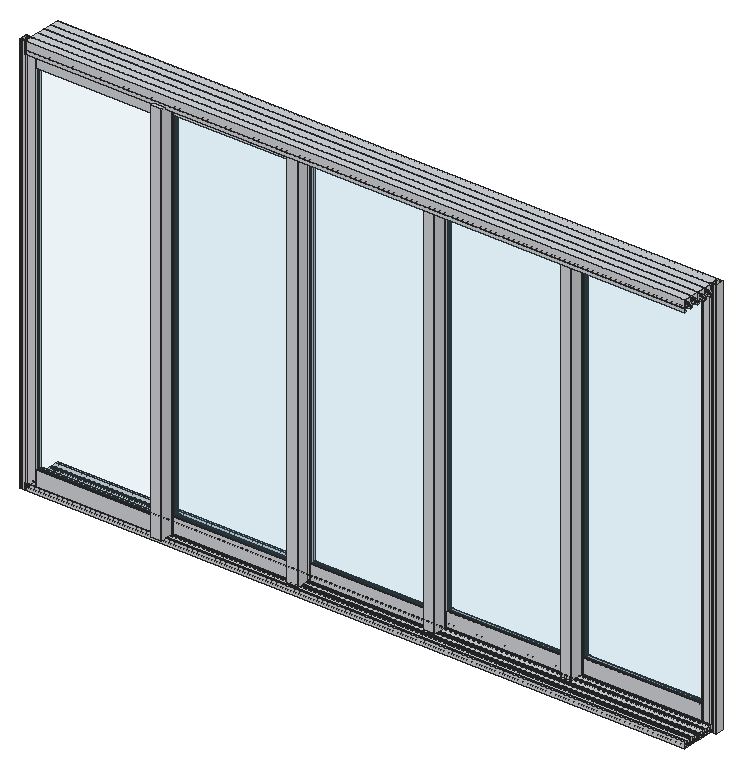
Revit family "MT-HB_SLIDING DOOR_XXXXX", category Doors, host Wall, Revit 2017 (continued)
Definition of nested family "DETAIL_HB_SILL FRAME"
  Lines and regions (mm)
    detail lines, in view "Ref. Level"
      curve 419: arc (44.963, 35.5, 0) -> (45.255, 34.793, 0) -> (45.963, 34.5, 0) r 1
      curve 420: arc (45.963, 36.95, 0) -> (45.463, 37.45, 0) -> (44.963, 36.95, 0) r 0.5
      curve 421: arc (44.963, 42.55, 0) -> (45.463, 42.05, 0) -> (45.963, 42.55, 0) r 0.5
      curve 422: arc (45.363, 45, 0) -> (45.08, 44.883, 0) -> (44.963, 44.6, 0) r 0.4
      curve 423: arc (48.665, 44.8, 0) -> (48.606, 44.941, 0) -> (48.465, 45, 0) r 0.2
      curve 424: arc (51.864, 45, 0) -> (51.723, 44.941, 0) -> (51.664, 44.8, 0) r 0.2
      curve 425: arc (56.663, 44.8, 0) -> (56.605, 44.941, 0) -> (56.463, 45, 0) r 0.2
      curve 426: arc (59.863, 45, 0) -> (59.722, 44.941, 0) -> (59.663, 44.8, 0) r 0.2
      curve 427: arc (64.662, 44.8, 0) -> (64.604, 44.941, 0) -> (64.462, 45, 0) r 0.2
      curve 428: arc (67.862, 45, 0) -> (67.72, 44.941, 0) -> (67.662, 44.8, 0) r 0.2
      curve 429: arc (72.661, 44.8, 0) -> (72.602, 44.941, 0) -> (72.461, 45, 0) r 0.2
      curve 430: arc (75.86, 45, 0) -> (75.719, 44.941, 0) -> (75.66, 44.8, 0) r 0.2
      curve 431: line (79.363, 44.6, 0) -> (79.363, 42.55, 0)
      curve 432: line (78.363, 42.55, 0) -> (78.363, 43.5, 0)
      curve 433: line (78.363, 43.5, 0) -> (77.063, 43.5, 0)
      curve 434: line (77.063, 43.5, 0) -> (77.063, 36, 0)
      curve 435: line (77.063, 36, 0) -> (78.363, 36, 0)
      curve 436: line (78.363, 36, 0) -> (78.363, 36.95, 0)
      curve 437: line (79.363, 36.95, 0) -> (79.363, 35.5, 0)
      curve 438: line (78.363, 34.5, 0) -> (77.463, 34.5, 0)
      curve 439: line (76.963, 34, 0) -> (76.963, 20.774, 0)
      curve 440: line (76.61, 20.479, 0) -> (75.349, 20.701, 0)
      curve 441: line (75.173, 20.645, 0) -> (73.948, 19.42, 0)
      curve 442: line (73.948, 19.42, 0) -> (73.89, 17.75, 0)
      curve 443: line (74.392, 16.05, 0) -> (73.69, 16.05, 0)
      curve 444: line (72.69, 17.05, 0) -> (72.69, 19.445, 0)
      curve 445: line (72.983, 20.152, 0) -> (75.504, 22.673, 0)
      curve 446: line (75.504, 22.673, 0) -> (75.563, 42, 0)
      curve 447: line (74.563, 43, 0) -> (65.052, 43, 0)
      curve 448: line (64.533, 42.7, 0) -> (63.353, 42.7, 0)
      curve 449: line (62.753, 43.3, 0) -> (61.572, 43.3, 0)
      curve 450: line (61.053, 43, 0) -> (49.763, 43, 0)
      curve 451: line (48.763, 42, 0) -> (48.763, 16, 0)
      curve 452: line (47.763, 15, 0) -> (44.733, 15, 0)
      curve 453: line (44.733, 16.4, 0) -> (46.863, 16.4, 0)
      curve 454: line (47.363, 16.9, 0) -> (47.363, 34, 0)
      curve 455: line (46.863, 34.5, 0) -> (45.963, 34.5, 0)
      curve 456: line (44.963, 35.5, 0) -> (44.963, 36.95, 0)
      curve 457: line (45.963, 36.95, 0) -> (45.963, 36, 0)
      curve 458: line (45.963, 36, 0) -> (47.263, 36, 0)
      curve 459: line (47.263, 36, 0) -> (47.263, 43.5, 0)
      curve 460: line (47.263, 43.5, 0) -> (45.963, 43.5, 0)
      curve 461: line (45.963, 43.5, 0) -> (45.963, 42.55, 0)
      curve 462: line (44.963, 42.55, 0) -> (44.963, 44.6, 0)
      curve 463: line (45.363, 45, 0) -> (48.465, 45, 0)
      curve 464: line (48.665, 44.8, 0) -> (48.665, 44.5, 0)
      curve 465: line (48.665, 44.5, 0) -> (51.664, 44.5, 0)
      curve 466: line (51.664, 44.5, 0) -> (51.664, 44.8, 0)
      curve 467: line (51.864, 45, 0) -> (56.463, 45, 0)
      curve 468: line (56.663, 44.8, 0) -> (56.663, 44.5, 0)
      curve 469: line (56.663, 44.5, 0) -> (59.663, 44.5, 0)
      curve 470: line (59.663, 44.5, 0) -> (59.663, 44.8, 0)
      curve 471: line (59.863, 45, 0) -> (64.462, 45, 0)
      curve 472: line (64.662, 44.8, 0) -> (64.662, 44.5, 0)
      curve 473: line (64.662, 44.5, 0) -> (67.662, 44.5, 0)
      curve 474: line (67.662, 44.5, 0) -> (67.662, 44.8, 0)
      curve 475: line (67.862, 45, 0) -> (72.461, 45, 0)
      curve 476: line (72.661, 44.8, 0) -> (72.661, 44.5, 0)
      curve 477: line (72.661, 44.5, 0) -> (75.66, 44.5, 0)
      curve 478: line (75.66, 44.5, 0) -> (75.66, 44.8, 0)
      curve 479: line (75.86, 45, 0) -> (78.963, 45, 0)
Definition of nested family "DETAIL_HB_SILL FRAME_3 PANELS"
  Reference planes
    plane 1 "Center (Front/Back)": y = 0
    plane 2: z = 0
    plane 3 "Center (Left/Right)": x = 0
  Lines and regions (mm)
    model lines, in view "Ref. Level"
      curve 1: arc (17.2, 44.6, 0) -> (17.083, 44.883, 0) -> (16.8, 45, 0) r 0.4
      curve 2: arc (16.2, 42.55, 0) -> (16.7, 42.05, 0) -> (17.2, 42.55, 0) r 0.5
      curve 3: arc (17.2, 36.95, 0) -> (16.7, 37.45, 0) -> (16.2, 36.95, 0) r 0.5
      curve 4: arc (16.2, 34.5, 0) -> (16.907, 34.793, 0) -> (17.2, 35.5, 0) r 1
      curve 5: arc (15.3, 34.5, 0) -> (14.946, 34.354, 0) -> (14.8, 34, 0) r 0.5
      curve 6: arc (14.448, 20.479, 0) -> (14.693, 20.544, 0) -> (14.8, 20.774, 0) r 0.3
      curve 7: arc (13.187, 20.701, 0) -> (13.092, 20.695, 0) -> (13.011, 20.645, 0) r 0.2
      curve 8: arc (11.727, 17.75, 0) -> (11.874, 17.396, 0) -> (12.228, 17.25, 0) r 0.5
      curve 9: arc (12.229, 16.05, 0) -> (12.829, 16.651, 0) -> (12.228, 17.25, 0) r 0.6
      curve 10: arc (10.527, 17.05, 0) -> (10.82, 16.343, 0) -> (11.527, 16.05, 0) r 1
      curve 11: arc (10.82, 20.152, 0) -> (10.603, 19.828, 0) -> (10.527, 19.445, 0) r 1
      curve 12: arc (13.4, 42, 0) -> (13.107, 42.707, 0) -> (12.4, 43, 0) r 1
      curve 13: arc (2.89, 43, 0) -> (2.74, 42.96, 0) -> (2.63, 42.85, 0) r 0.3
      curve 14: arc (2.37, 42.7, 0) -> (2.52, 42.74, 0) -> (2.63, 42.85, 0) r 0.3
      curve 15: arc (0.89, 43, 0) -> (0.978, 42.788, 0) -> (1.19, 42.7, 0) r 0.3
      curve 16: arc (0.89, 43, 0) -> (0.802, 43.212, 0) -> (0.59, 43.3, 0) r 0.3
      curve 17: arc (-0.59, 43.3, 0) -> (-0.74, 43.26, 0) -> (-0.85, 43.15, 0) r 0.3
      curve 18: arc (-1.11, 43, 0) -> (-0.96, 43.04, 0) -> (-0.85, 43.15, 0) r 0.3
      curve 19: arc (-12.4, 43, 0) -> (-13.107, 42.707, 0) -> (-13.4, 42, 0) r 1
      curve 20: arc (-14.4, 15, 0) -> (-13.693, 15.293, 0) -> (-13.4, 16, 0) r 1
      curve 21: arc (-17.43, 16.4, 0) -> (-18.13, 15.7, 0) -> (-17.43, 15, 0) r 0.7
      curve 22: arc (-15.3, 16.4, 0) -> (-14.946, 16.546, 0) -> (-14.8, 16.9, 0) r 0.5
      curve 23: arc (-14.8, 34, 0) -> (-14.946, 34.354, 0) -> (-15.3, 34.5, 0) r 0.5
      curve 24: arc (-17.2, 35.5, 0) -> (-16.907, 34.793, 0) -> (-16.2, 34.5, 0) r 1
      curve 25: arc (-16.2, 36.95, 0) -> (-16.7, 37.45, 0) -> (-17.2, 36.95, 0) r 0.5
      curve 26: arc (-17.2, 42.55, 0) -> (-16.7, 42.05, 0) -> (-16.2, 42.55, 0) r 0.5
      curve 27: arc (-16.8, 45, 0) -> (-17.083, 44.883, 0) -> (-17.2, 44.6, 0) r 0.4
      curve 28: arc (-13.498, 44.8, 0) -> (-13.557, 44.941, 0) -> (-13.698, 45, 0) r 0.2
      curve 29: arc (-10.298, 45, 0) -> (-10.44, 44.941, 0) -> (-10.498, 44.8, 0) r 0.2
      curve 30: arc (-5.499, 44.8, 0) -> (-5.558, 44.941, 0) -> (-5.699, 45, 0) r 0.2
      curve 31: arc (-2.3, 45, 0) -> (-2.441, 44.941, 0) -> (-2.5, 44.8, 0) r 0.2
      curve 32: arc (2.5, 44.8, 0) -> (2.441, 44.941, 0) -> (2.3, 45, 0) r 0.2
      curve 33: arc (5.699, 45, 0) -> (5.558, 44.941, 0) -> (5.499, 44.8, 0) r 0.2
      curve 34: arc (10.498, 44.8, 0) -> (10.44, 44.941, 0) -> (10.298, 45, 0) r 0.2
      curve 35: arc (13.698, 45, 0) -> (13.557, 44.941, 0) -> (13.498, 44.8, 0) r 0.2
      curve 36: line (17.2, 44.6, 0) -> (17.2, 42.55, 0)
      curve 37: line (16.2, 42.55, 0) -> (16.2, 43.5, 0)
      curve 38: line (16.2, 43.5, 0) -> (14.9, 43.5, 0)
      curve 39: line (14.9, 43.5, 0) -> (14.9, 36, 0)
      curve 40: line (14.9, 36, 0) -> (16.2, 36, 0)
      curve 41: line (16.2, 36, 0) -> (16.2, 36.95, 0)
      curve 42: line (17.2, 36.95, 0) -> (17.2, 35.5, 0)
      curve 43: line (16.2, 34.5, 0) -> (15.3, 34.5, 0)
      curve 44: line (14.8, 34, 0) -> (14.8, 20.774, 0)
      curve 45: line (14.448, 20.479, 0) -> (13.187, 20.701, 0)
      curve 46: line (13.011, 20.645, 0) -> (11.786, 19.42, 0)
      curve 47: line (11.786, 19.42, 0) -> (11.727, 17.75, 0)
      curve 48: line (12.229, 16.05, 0) -> (11.527, 16.05, 0)
      curve 49: line (10.527, 17.05, 0) -> (10.527, 19.445, 0)
      curve 50: line (10.82, 20.152, 0) -> (13.341, 22.673, 0)
      curve 51: line (13.341, 22.673, 0) -> (13.4, 42, 0)
      curve 52: line (12.4, 43, 0) -> (2.89, 43, 0)
      curve 53: line (2.37, 42.7, 0) -> (1.19, 42.7, 0)
      curve 54: line (0.59, 43.3, 0) -> (-0.59, 43.3, 0)
      curve 55: line (-1.11, 43, 0) -> (-12.4, 43, 0)
      curve 56: line (-13.4, 42, 0) -> (-13.4, 16, 0)
      curve 57: line (-14.4, 15, 0) -> (-17.43, 15, 0)
      curve 58: line (-17.43, 16.4, 0) -> (-15.3, 16.4, 0)
      curve 59: line (-14.8, 16.9, 0) -> (-14.8, 34, 0)
      curve 60: line (-15.3, 34.5, 0) -> (-16.2, 34.5, 0)
      curve 61: line (-17.2, 35.5, 0) -> (-17.2, 36.95, 0)
      curve 62: line (-16.2, 36.95, 0) -> (-16.2, 36, 0)
      curve 63: line (-16.2, 36, 0) -> (-14.9, 36, 0)
      curve 64: line (-14.9, 36, 0) -> (-14.9, 43.5, 0)
      curve 65: line (-14.9, 43.5, 0) -> (-16.2, 43.5, 0)
      curve 66: line (-16.2, 43.5, 0) -> (-16.2, 42.55, 0)
      curve 67: line (-17.2, 42.55, 0) -> (-17.2, 44.6, 0)
      curve 68: line (-16.8, 45, 0) -> (-13.698, 45, 0)
      curve 69: line (-13.498, 44.8, 0) -> (-13.498, 44.5, 0)
      curve 70: line (-13.498, 44.5, 0) -> (-10.498, 44.5, 0)
      curve 71: line (-10.498, 44.5, 0) -> (-10.498, 44.8, 0)
      curve 72: line (-10.298, 45, 0) -> (-5.699, 45, 0)
      curve 73: line (-5.499, 44.8, 0) -> (-5.499, 44.5, 0)
      curve 74: line (-5.499, 44.5, 0) -> (-2.5, 44.5, 0)
      curve 75: line (-2.5, 44.5, 0) -> (-2.5, 44.8, 0)
      curve 76: line (-2.3, 45, 0) -> (2.3, 45, 0)
      curve 77: line (2.5, 44.8, 0) -> (2.5, 44.5, 0)
      curve 78: line (2.5, 44.5, 0) -> (5.499, 44.5, 0)
      curve 79: line (5.499, 44.5, 0) -> (5.499, 44.8, 0)
      curve 80: line (5.699, 45, 0) -> (10.298, 45, 0)
      curve 81: line (10.498, 44.8, 0) -> (10.498, 44.5, 0)
      curve 82: line (10.498, 44.5, 0) -> (13.498, 44.5, 0)
      curve 83: line (13.498, 44.5, 0) -> (13.498, 44.8, 0)
      curve 84: line (13.698, 45, 0) -> (16.8, 45, 0)
      curve 85: arc (16.051, 18.485, 0) -> (15.344, 18.192, 0) -> (15.051, 17.485, 0) r 1
      curve 86: arc (31.723, 17.985, 0) -> (31.576, 18.338, 0) -> (31.223, 18.485, 0) r 0.5
      curve 87: arc (31.395, 16.642, 0) -> (31.633, 16.825, 0) -> (31.723, 17.111, 0) r 0.5
      curve 88: arc (31.395, 16.642, 0) -> (29.001, 14.013, 0) -> (29.781, 10.544, 0) r 3.85
      curve 89: arc (29.781, 10.544, 0) -> (31.014, 10.44, 0) -> (31.118, 11.673, 0) r 0.875
      curve 90: arc (30.701, 12.459, 0) -> (30.868, 12.044, 0) -> (31.118, 11.673, 0) r 2.1
      curve 91: arc (30.701, 12.459, 0) -> (30.651, 12.576, 0) -> (30.573, 12.677, 0) r 0.5
      curve 92: arc (30.573, 13.379, 0) -> (30.651, 13.48, 0) -> (30.701, 13.597, 0) r 0.5
      curve 93: arc (31.219, 14.494, 0) -> (30.904, 14.078, 0) -> (30.701, 13.597, 0) r 2.1
      curve 94: arc (31.219, 14.494, 0) -> (31.296, 14.596, 0) -> (31.344, 14.714, 0) r 0.5
      curve 95: arc (31.952, 15.065, 0) -> (32.078, 15.048, 0) -> (32.205, 15.063, 0) r 0.5
      curve 96: arc (33.241, 15.063, 0) -> (32.723, 15.128, 0) -> (32.205, 15.063, 0) r 2.1
      curve 97: arc (33.241, 15.063, 0) -> (33.367, 15.048, 0) -> (33.494, 15.065, 0) r 0.5
      curve 98: arc (34.101, 14.714, 0) -> (34.149, 14.596, 0) -> (34.226, 14.494, 0) r 0.5
      curve 99: arc (34.744, 13.597, 0) -> (34.541, 14.078, 0) -> (34.226, 14.494, 0) r 2.1
      curve 100: arc (34.744, 13.597, 0) -> (34.794, 13.48, 0) -> (34.872, 13.379, 0) r 0.5
      curve 101: arc (34.872, 12.677, 0) -> (34.794, 12.576, 0) -> (34.744, 12.459, 0) r 0.5
      curve 102: arc (34.327, 11.673, 0) -> (34.578, 12.044, 0) -> (34.744, 12.459, 0) r 2.1
      curve 103: arc (34.327, 11.673, 0) -> (34.171, 10.817, 0) -> (34.831, 10.25, 0) r 0.875
      curve 104: arc (35.074, 9.955, 0) -> (35.005, 10.146, 0) -> (34.831, 10.25, 0) r 0.3
      curve 105: arc (35.074, 2.525, 0) -> (35.162, 2.313, 0) -> (35.374, 2.225, 0) r 0.3
      curve 106: arc (38.773, 2.225, 0) -> (38.985, 2.313, 0) -> (39.073, 2.525, 0) r 0.3
      curve 107: arc (39.073, 3.425, 0) -> (38.985, 3.637, 0) -> (38.773, 3.725, 0) r 0.3
      curve 108: arc (36.573, 4.025, 0) -> (36.661, 3.813, 0) -> (36.873, 3.725, 0) r 0.3
      curve 109: arc (35.873, 10.814, 0) -> (36.397, 14.177, 0) -> (34.05, 16.642, 0) r 3.85
      curve 110: arc (33.723, 17.111, 0) -> (33.813, 16.825, 0) -> (34.05, 16.642, 0) r 0.5
      curve 111: arc (34.223, 18.485, 0) -> (33.869, 18.338, 0) -> (33.723, 17.985, 0) r 0.5
      curve 112: arc (40.169, 17.485, 0) -> (39.876, 18.192, 0) -> (39.169, 18.485, 0) r 1
      curve 113: arc (40.169, 17.485, 0) -> (40.462, 16.778, 0) -> (41.169, 16.485, 0) r 1
      curve 114: arc (42.169, 15.485, 0) -> (41.876, 16.192, 0) -> (41.169, 16.485, 0) r 1
      curve 115: arc (42.169, 13.885, 0) -> (42.462, 13.178, 0) -> (43.169, 12.885, 0) r 1
      curve 116: arc (76.251, 12.885, 0) -> (76.958, 13.178, 0) -> (77.251, 13.885, 0) r 1
      curve 117: arc (78.251, 18.485, 0) -> (77.544, 18.192, 0) -> (77.251, 17.485, 0) r 1
      curve 118: arc (90.856, 17.985, 0) -> (90.71, 18.338, 0) -> (90.356, 18.485, 0) r 0.5
      curve 119: arc (90.529, 16.642, 0) -> (90.766, 16.825, 0) -> (90.856, 17.111, 0) r 0.5
      curve 120: arc (90.529, 16.642, 0) -> (88.135, 14.013, 0) -> (88.914, 10.544, 0) r 3.85
      curve 121: arc (88.914, 10.544, 0) -> (90.148, 10.44, 0) -> (90.252, 11.673, 0) r 0.875
      curve 122: arc (89.835, 12.459, 0) -> (90.001, 12.044, 0) -> (90.252, 11.673, 0) r 2.1
      curve 123: arc (89.835, 12.459, 0) -> (89.785, 12.576, 0) -> (89.707, 12.677, 0) r 0.5
      curve 124: arc (89.707, 13.379, 0) -> (89.785, 13.48, 0) -> (89.835, 13.597, 0) r 0.5
      curve 125: arc (90.353, 14.494, 0) -> (90.038, 14.078, 0) -> (89.835, 13.597, 0) r 2.1
      curve 126: arc (90.353, 14.494, 0) -> (90.43, 14.596, 0) -> (90.478, 14.714, 0) r 0.5
      curve 127: arc (91.086, 15.065, 0) -> (91.212, 15.048, 0) -> (91.338, 15.063, 0) r 0.5
      curve 128: arc (92.374, 15.063, 0) -> (91.856, 15.128, 0) -> (91.338, 15.063, 0) r 2.1
      curve 129: arc (92.374, 15.063, 0) -> (92.501, 15.048, 0) -> (92.627, 15.065, 0) r 0.5
      curve 130: arc (93.235, 14.714, 0) -> (93.283, 14.596, 0) -> (93.36, 14.494, 0) r 0.5
      curve 131: arc (93.878, 13.597, 0) -> (93.675, 14.078, 0) -> (93.36, 14.494, 0) r 2.1
      curve 132: arc (93.878, 13.597, 0) -> (93.928, 13.48, 0) -> (94.006, 13.379, 0) r 0.5
      curve 133: arc (94.006, 12.677, 0) -> (93.928, 12.576, 0) -> (93.878, 12.459, 0) r 0.5
      curve 134: arc (93.461, 11.673, 0) -> (93.712, 12.044, 0) -> (93.878, 12.459, 0) r 2.1
      curve 135: arc (93.461, 11.673, 0) -> (93.305, 10.817, 0) -> (93.964, 10.25, 0) r 0.875
      curve 136: arc (94.208, 9.955, 0) -> (94.139, 10.146, 0) -> (93.964, 10.25, 0) r 0.3
      curve 137: arc (94.208, 2.525, 0) -> (94.296, 2.313, 0) -> (94.508, 2.225, 0) r 0.3
      curve 138: arc (97.906, 2.225, 0) -> (98.119, 2.313, 0) -> (98.206, 2.525, 0) r 0.3
      curve 139: arc (98.206, 3.425, 0) -> (98.119, 3.637, 0) -> (97.906, 3.725, 0) r 0.3
      curve 140: arc (95.706, 4.025, 0) -> (95.794, 3.813, 0) -> (96.006, 3.725, 0) r 0.3
      curve 141: arc (95.006, 10.814, 0) -> (95.531, 14.177, 0) -> (93.184, 16.642, 0) r 3.85
      curve 142: arc (92.856, 17.111, 0) -> (92.946, 16.825, 0) -> (93.184, 16.642, 0) r 0.5
      curve 143: arc (93.356, 18.485, 0) -> (93.003, 18.338, 0) -> (92.856, 17.985, 0) r 0.5
      curve 144: arc (102.369, 17.485, 0) -> (102.076, 18.192, 0) -> (101.369, 18.485, 0) r 1
      curve 145: arc (102.369, 17.485, 0) -> (102.662, 16.778, 0) -> (103.369, 16.485, 0) r 1
      curve 146: arc (104.369, 15.485, 0) -> (104.076, 16.192, 0) -> (103.369, 16.485, 0) r 1
      curve 147: arc (104.369, 13.885, 0) -> (104.662, 13.178, 0) -> (105.369, 12.885, 0) r 1
      curve 148: arc (138.451, 12.885, 0) -> (139.158, 13.178, 0) -> (139.451, 13.885, 0) r 1
      curve 149: arc (139.951, 16.085, 0) -> (139.598, 15.938, 0) -> (139.451, 15.585, 0) r 0.5
      curve 150: arc (142.489, 15.585, 0) -> (142.343, 15.938, 0) -> (141.989, 16.085, 0) r 0.5
      curve 151: arc (142.489, 13.782, 0) -> (142.551, 13.599, 0) -> (142.712, 13.492, 0) r 0.3
      curve 152: arc (143.561, 12.873, 0) -> (143.578, 13.138, 0) -> (143.378, 13.313, 0) r 0.3
      curve 153: arc (142.417, 10.893, 0) -> (142.71, 9.8, 0) -> (143.803, 10.093, 0) r 0.8
      curve 154: arc (145.858, 13.653, 0) -> (145.904, 14.359, 0) -> (145.372, 14.826, 0) r 0.8
      curve 155: arc (148.149, 16.586, 0) -> (148.503, 16.733, 0) -> (148.649, 17.086, 0) r 0.5
      curve 156: arc (148.649, 17.785, 0) -> (148.561, 17.997, 0) -> (148.349, 18.085, 0) r 0.3
      curve 157: arc (139.451, 18.385, 0) -> (139.539, 18.173, 0) -> (139.751, 18.085, 0) r 0.3
      curve 158: arc (139.451, 20.185, 0) -> (139.363, 20.397, 0) -> (139.151, 20.485, 0) r 0.3
      curve 159: arc (137.457, 20.485, 0) -> (137.266, 20.447, 0) -> (137.104, 20.338, 0) r 0.5
      curve 160: arc (136.493, 19.728, 0) -> (136.319, 19.468, 0) -> (136.258, 19.162, 0) r 0.8
      curve 161: arc (136.258, 17.987, 0) -> (136.405, 17.633, 0) -> (136.758, 17.487, 0) r 0.5
      curve 162: arc (137.451, 16.987, 0) -> (137.305, 17.34, 0) -> (136.951, 17.487, 0) r 0.5
      curve 163: arc (136.451, 14.885, 0) -> (137.158, 15.178, 0) -> (137.451, 15.885, 0) r 1
      curve 164: arc (113.502, 15.002, 0) -> (113.653, 14.915, 0) -> (113.824, 14.885, 0) r 0.5
      curve 165: arc (110.798, 14.885, 0) -> (110.969, 14.915, 0) -> (111.119, 15.002, 0) r 0.5
      curve 166: arc (106.395, 15.185, 0) -> (106.483, 14.973, 0) -> (106.695, 14.885, 0) r 0.3
      curve 167: arc (106.695, 16.635, 0) -> (106.483, 16.547, 0) -> (106.395, 16.335, 0) r 0.3
      curve 168: arc (108.169, 16.635, 0) -> (108.894, 17.36, 0) -> (108.169, 18.085, 0) r 0.725
      curve 169: arc (104.367, 18.565, 0) -> (104.52, 18.224, 0) -> (104.867, 18.085, 0) r 0.5
      curve 170: arc (104.367, 18.565, 0) -> (103.755, 19.927, 0) -> (102.369, 20.485, 0) r 2
      curve 171: arc (96.825, 21.485, 0) -> (97.118, 20.778, 0) -> (97.825, 20.485, 0) r 1
      curve 172: arc (97.325, 34.525, 0) -> (96.971, 34.378, 0) -> (96.825, 34.025, 0) r 0.5
      curve 173: arc (97.825, 34.525, 0) -> (98.532, 34.818, 0) -> (98.825, 35.525, 0) r 1
      curve 174: arc (98.825, 36.975, 0) -> (98.325, 37.475, 0) -> (97.825, 36.975, 0) r 0.5
      curve 175: arc (97.825, 42.575, 0) -> (98.325, 42.075, 0) -> (98.825, 42.575, 0) r 0.5
      curve 176: arc (98.825, 44.725, 0) -> (98.737, 44.937, 0) -> (98.525, 45.025, 0) r 0.3
      curve 177: arc (88.125, 45.025, 0) -> (87.913, 44.937, 0) -> (87.825, 44.725, 0) r 0.3
      curve 178: arc (87.825, 42.575, 0) -> (88.325, 42.075, 0) -> (88.825, 42.575, 0) r 0.5
      curve 179: arc (88.825, 36.975, 0) -> (88.325, 37.475, 0) -> (87.825, 36.975, 0) r 0.5
      curve 180: arc (87.825, 35.525, 0) -> (88.118, 34.818, 0) -> (88.825, 34.525, 0) r 1
      curve 181: arc (91.325, 34.525, 0) -> (91.678, 34.671, 0) -> (91.825, 35.025, 0) r 0.5
      curve 182: arc (92.325, 43.025, 0) -> (91.971, 42.878, 0) -> (91.825, 42.525, 0) r 0.5
      curve 183: arc (94.825, 42.525, 0) -> (94.678, 42.878, 0) -> (94.325, 43.025, 0) r 0.5
      curve 184: arc (93.825, 20.485, 0) -> (94.532, 20.778, 0) -> (94.825, 21.485, 0) r 1
      curve 185: arc (75.257, 20.485, 0) -> (75.066, 20.447, 0) -> (74.904, 20.338, 0) r 0.5
      curve 186: arc (74.293, 19.728, 0) -> (74.119, 19.468, 0) -> (74.058, 19.162, 0) r 0.8
      curve 187: arc (74.058, 17.987, 0) -> (74.205, 17.633, 0) -> (74.558, 17.487, 0) r 0.5
      curve 188: arc (75.251, 16.987, 0) -> (75.105, 17.34, 0) -> (74.751, 17.487, 0) r 0.5
      curve 189: arc (74.251, 14.885, 0) -> (74.958, 15.178, 0) -> (75.251, 15.885, 0) r 1
      curve 190: arc (51.302, 15.002, 0) -> (51.453, 14.915, 0) -> (51.624, 14.885, 0) r 0.5
      curve 191: arc (48.598, 14.885, 0) -> (48.769, 14.915, 0) -> (48.919, 15.002, 0) r 0.5
      curve 192: arc (44.195, 15.185, 0) -> (44.283, 14.973, 0) -> (44.495, 14.885, 0) r 0.3
      curve 193: arc (44.495, 16.635, 0) -> (44.283, 16.547, 0) -> (44.195, 16.335, 0) r 0.3
      curve 194: arc (45.969, 16.635, 0) -> (46.694, 17.36, 0) -> (45.969, 18.085, 0) r 0.725
      curve 195: arc (42.167, 18.565, 0) -> (42.32, 18.224, 0) -> (42.667, 18.085, 0) r 0.5
      curve 196: arc (42.167, 18.565, 0) -> (41.555, 19.927, 0) -> (40.169, 20.485, 0) r 2
      curve 197: arc (34.625, 21.485, 0) -> (34.918, 20.778, 0) -> (35.625, 20.485, 0) r 1
      curve 198: arc (35.125, 34.525, 0) -> (34.771, 34.378, 0) -> (34.625, 34.025, 0) r 0.5
      curve 199: arc (35.625, 34.525, 0) -> (36.332, 34.818, 0) -> (36.625, 35.525, 0) r 1
      curve 200: arc (36.625, 36.975, 0) -> (36.125, 37.475, 0) -> (35.625, 36.975, 0) r 0.5
      curve 201: arc (35.625, 42.575, 0) -> (36.125, 42.075, 0) -> (36.625, 42.575, 0) r 0.5
      curve 202: arc (36.625, 44.725, 0) -> (36.537, 44.937, 0) -> (36.325, 45.025, 0) r 0.3
      curve 203: arc (25.925, 45.025, 0) -> (25.713, 44.937, 0) -> (25.625, 44.725, 0) r 0.3
      curve 204: arc (25.625, 42.575, 0) -> (26.125, 42.075, 0) -> (26.625, 42.575, 0) r 0.5
      curve 205: arc (26.625, 36.975, 0) -> (26.125, 37.475, 0) -> (25.625, 36.975, 0) r 0.5
      curve 206: arc (25.625, 35.525, 0) -> (25.918, 34.818, 0) -> (26.625, 34.525, 0) r 1
      curve 207: arc (29.125, 34.525, 0) -> (29.478, 34.671, 0) -> (29.625, 35.025, 0) r 0.5
      curve 208: arc (30.125, 43.025, 0) -> (29.771, 42.878, 0) -> (29.625, 42.525, 0) r 0.5
      curve 209: arc (32.625, 42.525, 0) -> (32.478, 42.878, 0) -> (32.125, 43.025, 0) r 0.5
      curve 210: arc (31.625, 20.485, 0) -> (32.332, 20.778, 0) -> (32.625, 21.485, 0) r 1
      curve 211: arc (13.057, 20.485, 0) -> (12.866, 20.447, 0) -> (12.704, 20.338, 0) r 0.5
      curve 212: arc (12.093, 19.728, 0) -> (11.919, 19.468, 0) -> (11.858, 19.162, 0) r 0.8
      curve 213: arc (11.858, 17.987, 0) -> (12.005, 17.633, 0) -> (12.358, 17.487, 0) r 0.5
      curve 214: arc (13.051, 16.987, 0) -> (12.905, 17.34, 0) -> (12.551, 17.487, 0) r 0.5
      curve 215: arc (12.051, 14.885, 0) -> (12.758, 15.178, 0) -> (13.051, 15.885, 0) r 1
      curve 216: arc (-10.898, 15.002, 0) -> (-10.747, 14.915, 0) -> (-10.576, 14.885, 0) r 0.5
      curve 217: arc (-13.602, 14.885, 0) -> (-13.431, 14.915, 0) -> (-13.281, 15.002, 0) r 0.5
      curve 218: arc (-18.005, 15.185, 0) -> (-17.917, 14.973, 0) -> (-17.705, 14.885, 0) r 0.3
      curve 219: arc (-17.705, 16.635, 0) -> (-17.917, 16.547, 0) -> (-18.005, 16.335, 0) r 0.3
      curve 220: arc (-16.231, 16.635, 0) -> (-15.506, 17.36, 0) -> (-16.231, 18.085, 0) r 0.725
      curve 221: arc (-23.771, 18.085, 0) -> (-23.983, 17.997, 0) -> (-24.071, 17.785, 0) r 0.3
      curve 222: arc (-24.071, 17.086, 0) -> (-23.925, 16.733, 0) -> (-23.571, 16.586, 0) r 0.5
      curve 223: arc (-20.794, 14.826, 0) -> (-21.326, 14.359, 0) -> (-21.28, 13.653, 0) r 0.8
      curve 224: arc (-19.225, 10.093, 0) -> (-18.132, 9.8, 0) -> (-17.839, 10.893, 0) r 0.8
      curve 225: arc (-18.469, 12.885, 0) -> (-18.729, 12.735, 0) -> (-18.729, 12.435, 0) r 0.3
      curve 226: arc (14.051, 12.885, 0) -> (14.758, 13.178, 0) -> (15.051, 13.885, 0) r 1
      curve 227: line (16.051, 18.485, 0) -> (31.223, 18.485, 0)
      curve 228: line (31.723, 17.111, 0) -> (31.723, 17.985, 0)
      curve 229: line (30.573, 13.379, 0) -> (30.223, 13.028, 0)
      curve 230: line (30.223, 13.028, 0) -> (30.573, 12.677, 0)
      curve 231: line (31.952, 15.065, 0) -> (31.473, 15.193, 0)
      curve 232: line (31.473, 15.193, 0) -> (31.344, 14.714, 0)
      curve 233: line (34.101, 14.714, 0) -> (33.973, 15.193, 0)
      curve 234: line (33.973, 15.193, 0) -> (33.494, 15.065, 0)
      curve 235: line (34.872, 12.677, 0) -> (35.223, 13.028, 0)
      curve 236: line (35.223, 13.028, 0) -> (34.872, 13.379, 0)
      curve 237: line (35.074, 9.955, 0) -> (35.074, 2.525, 0)
      curve 238: line (38.773, 2.225, 0) -> (35.374, 2.225, 0)
      curve 239: line (39.073, 3.425, 0) -> (39.073, 2.525, 0)
      curve 240: line (38.773, 3.725, 0) -> (36.873, 3.725, 0)
      curve 241: line (36.573, 4.025, 0) -> (36.573, 9.021, 0)
      curve 242: line (36.573, 9.021, 0) -> (35.873, 10.234, 0)
      curve 243: line (35.873, 10.234, 0) -> (35.873, 10.814, 0)
      curve 244: line (33.723, 17.111, 0) -> (33.723, 17.985, 0)
      curve 245: line (34.223, 18.485, 0) -> (39.169, 18.485, 0)
      curve 246: line (42.169, 15.485, 0) -> (42.169, 13.885, 0)
      curve 247: line (43.169, 12.885, 0) -> (76.251, 12.885, 0)
      curve 248: line (77.251, 13.885, 0) -> (77.251, 17.485, 0)
      curve 249: line (78.251, 18.485, 0) -> (90.356, 18.485, 0)
      curve 250: line (90.856, 17.111, 0) -> (90.856, 17.985, 0)
      curve 251: line (89.707, 13.379, 0) -> (89.356, 13.028, 0)
      curve 252: line (89.356, 13.028, 0) -> (89.707, 12.677, 0)
      curve 253: line (91.086, 15.065, 0) -> (90.606, 15.193, 0)
      curve 254: line (90.606, 15.193, 0) -> (90.478, 14.714, 0)
      curve 255: line (93.235, 14.714, 0) -> (93.106, 15.193, 0)
      curve 256: line (93.106, 15.193, 0) -> (92.627, 15.065, 0)
      curve 257: line (94.006, 12.677, 0) -> (94.356, 13.028, 0)
      curve 258: line (94.356, 13.028, 0) -> (94.006, 13.379, 0)
      curve 259: line (94.208, 9.955, 0) -> (94.208, 2.525, 0)
      curve 260: line (97.906, 2.225, 0) -> (94.508, 2.225, 0)
      curve 261: line (98.206, 3.425, 0) -> (98.206, 2.525, 0)
      curve 262: line (97.906, 3.725, 0) -> (96.006, 3.725, 0)
      curve 263: line (95.706, 4.025, 0) -> (95.706, 9.021, 0)
      curve 264: line (95.706, 9.021, 0) -> (95.006, 10.234, 0)
      curve 265: line (95.006, 10.234, 0) -> (95.006, 10.814, 0)
      curve 266: line (92.856, 17.111, 0) -> (92.856, 17.985, 0)
      curve 267: line (93.356, 18.485, 0) -> (101.369, 18.485, 0)
      curve 268: line (104.369, 15.485, 0) -> (104.369, 13.885, 0)
      curve 269: line (105.369, 12.885, 0) -> (138.451, 12.885, 0)
      curve 270: line (139.451, 13.885, 0) -> (139.451, 15.585, 0)
      curve 271: line (139.951, 16.085, 0) -> (141.989, 16.085, 0)
      curve 272: line (142.489, 15.585, 0) -> (142.489, 13.782, 0)
      curve 273: line (142.712, 13.492, 0) -> (143.378, 13.313, 0)
      curve 274: line (143.561, 12.873, 0) -> (142.417, 10.893, 0)
      curve 275: line (145.858, 13.653, 0) -> (143.803, 10.093, 0)
      curve 276: line (148.149, 16.586, 0) -> (144.489, 16.586, 0)
      curve 277: line (144.489, 16.586, 0) -> (144.489, 15.062, 0)
      curve 278: line (144.489, 15.062, 0) -> (145.372, 14.826, 0)
      curve 279: line (148.649, 17.785, 0) -> (148.649, 17.086, 0)
      curve 280: line (139.751, 18.085, 0) -> (148.349, 18.085, 0)
      curve 281: line (139.451, 18.385, 0) -> (139.451, 20.185, 0)
      curve 282: line (137.457, 20.485, 0) -> (139.151, 20.485, 0)
      curve 283: line (137.104, 20.338, 0) -> (136.493, 19.728, 0)
      curve 284: line (136.258, 19.162, 0) -> (136.258, 17.987, 0)
      curve 285: line (136.758, 17.487, 0) -> (136.951, 17.487, 0)
      curve 286: line (137.451, 15.885, 0) -> (137.451, 16.987, 0)
      curve 287: line (113.824, 14.885, 0) -> (136.451, 14.885, 0)
      curve 288: line (113.502, 15.002, 0) -> (112.684, 15.688, 0)
      curve 289: line (112.684, 15.688, 0) -> (112.065, 15.735, 0)
      curve 290: line (112.065, 15.735, 0) -> (111.119, 15.002, 0)
      curve 291: line (106.695, 14.885, 0) -> (110.798, 14.885, 0)
      curve 292: line (106.395, 15.185, 0) -> (106.395, 16.335, 0)
      curve 293: line (108.169, 16.635, 0) -> (106.695, 16.635, 0)
      curve 294: line (108.169, 18.085, 0) -> (104.867, 18.085, 0)
      curve 295: line (97.825, 20.485, 0) -> (102.369, 20.485, 0)
      curve 296: line (96.825, 34.025, 0) -> (96.825, 21.485, 0)
      curve 297: line (97.825, 34.525, 0) -> (97.325, 34.525, 0)
      curve 298: line (98.825, 36.975, 0) -> (98.825, 35.525, 0)
      curve 299: line (97.825, 42.575, 0) -> (97.825, 43.525, 0)
      curve 300: line (97.825, 43.525, 0) -> (96.525, 43.525, 0)
      curve 301: line (96.525, 43.525, 0) -> (96.525, 36.025, 0)
      curve 302: line (96.525, 36.025, 0) -> (97.825, 36.025, 0)
      curve 303: line (97.825, 36.025, 0) -> (97.825, 36.975, 0)
      curve 304: line (98.825, 44.725, 0) -> (98.825, 42.575, 0)
      curve 305: line (88.125, 45.025, 0) -> (98.525, 45.025, 0)
      curve 306: line (87.825, 42.575, 0) -> (87.825, 44.725, 0)
      curve 307: line (88.825, 36.975, 0) -> (88.825, 36.025, 0)
      curve 308: line (88.825, 36.025, 0) -> (90.125, 36.025, 0)
      curve 309: line (90.125, 36.025, 0) -> (90.125, 43.525, 0)
      curve 310: line (90.125, 43.525, 0) -> (88.825, 43.525, 0)
      curve 311: line (88.825, 43.525, 0) -> (88.825, 42.575, 0)
      curve 312: line (87.825, 35.525, 0) -> (87.825, 36.975, 0)
      curve 313: line (91.325, 34.525, 0) -> (88.825, 34.525, 0)
      curve 314: line (91.825, 42.525, 0) -> (91.825, 35.025, 0)
      curve 315: line (92.325, 43.025, 0) -> (94.325, 43.025, 0)
      curve 316: line (94.825, 21.485, 0) -> (94.825, 42.525, 0)
      curve 317: line (75.257, 20.485, 0) -> (93.825, 20.485, 0)
      curve 318: line (74.904, 20.338, 0) -> (74.293, 19.728, 0)
      curve 319: line (74.058, 19.162, 0) -> (74.058, 17.987, 0)
      curve 320: line (74.558, 17.487, 0) -> (74.751, 17.487, 0)
      curve 321: line (75.251, 15.885, 0) -> (75.251, 16.987, 0)
      curve 322: line (51.624, 14.885, 0) -> (74.251, 14.885, 0)
      curve 323: line (51.302, 15.002, 0) -> (50.484, 15.688, 0)
      curve 324: line (50.484, 15.688, 0) -> (49.865, 15.735, 0)
      curve 325: line (49.865, 15.735, 0) -> (48.919, 15.002, 0)
      curve 326: line (44.495, 14.885, 0) -> (48.598, 14.885, 0)
      curve 327: line (44.195, 15.185, 0) -> (44.195, 16.335, 0)
      curve 328: line (45.969, 16.635, 0) -> (44.495, 16.635, 0)
      curve 329: line (45.969, 18.085, 0) -> (42.667, 18.085, 0)
      curve 330: line (35.625, 20.485, 0) -> (40.169, 20.485, 0)
      curve 331: line (34.625, 34.025, 0) -> (34.625, 21.485, 0)
      curve 332: line (35.625, 34.525, 0) -> (35.125, 34.525, 0)
      curve 333: line (36.625, 36.975, 0) -> (36.625, 35.525, 0)
      curve 334: line (35.625, 42.575, 0) -> (35.625, 43.525, 0)
      curve 335: line (35.625, 43.525, 0) -> (34.325, 43.525, 0)
      curve 336: line (34.325, 43.525, 0) -> (34.325, 36.025, 0)
      curve 337: line (34.325, 36.025, 0) -> (35.625, 36.025, 0)
      curve 338: line (35.625, 36.025, 0) -> (35.625, 36.975, 0)
      curve 339: line (36.625, 44.725, 0) -> (36.625, 42.575, 0)
      curve 340: line (25.925, 45.025, 0) -> (36.325, 45.025, 0)
      curve 341: line (25.625, 42.575, 0) -> (25.625, 44.725, 0)
      curve 342: line (26.625, 36.975, 0) -> (26.625, 36.025, 0)
      curve 343: line (26.625, 36.025, 0) -> (27.925, 36.025, 0)
      curve 344: line (27.925, 36.025, 0) -> (27.925, 43.525, 0)
      curve 345: line (27.925, 43.525, 0) -> (26.625, 43.525, 0)
      curve 346: line (26.625, 43.525, 0) -> (26.625, 42.575, 0)
      curve 347: line (25.625, 35.525, 0) -> (25.625, 36.975, 0)
      curve 348: line (29.125, 34.525, 0) -> (26.625, 34.525, 0)
      curve 349: line (29.625, 42.525, 0) -> (29.625, 35.025, 0)
      curve 350: line (30.125, 43.025, 0) -> (32.125, 43.025, 0)
      curve 351: line (32.625, 21.485, 0) -> (32.625, 42.525, 0)
      curve 352: line (13.057, 20.485, 0) -> (31.625, 20.485, 0)
      curve 353: line (12.704, 20.338, 0) -> (12.093, 19.728, 0)
      curve 354: line (11.858, 19.162, 0) -> (11.858, 17.987, 0)
      curve 355: line (12.358, 17.487, 0) -> (12.551, 17.487, 0)
      curve 356: line (13.051, 15.885, 0) -> (13.051, 16.987, 0)
      curve 357: line (-10.576, 14.885, 0) -> (12.051, 14.885, 0)
      curve 358: line (-10.898, 15.002, 0) -> (-11.716, 15.688, 0)
      curve 359: line (-11.716, 15.688, 0) -> (-12.335, 15.735, 0)
      curve 360: line (-12.335, 15.735, 0) -> (-13.281, 15.002, 0)
      curve 361: line (-17.705, 14.885, 0) -> (-13.602, 14.885, 0)
      curve 362: line (-18.005, 15.185, 0) -> (-18.005, 16.335, 0)
      curve 363: line (-16.231, 16.635, 0) -> (-17.705, 16.635, 0)
      curve 364: line (-16.231, 18.085, 0) -> (-23.771, 18.085, 0)
      curve 365: line (-24.071, 17.785, 0) -> (-24.071, 17.086, 0)
      curve 366: line (-23.571, 16.586, 0) -> (-19.911, 16.586, 0)
      curve 367: line (-19.911, 16.586, 0) -> (-19.911, 15.062, 0)
      curve 368: line (-19.911, 15.062, 0) -> (-20.794, 14.826, 0)
      curve 369: line (-21.28, 13.653, 0) -> (-19.225, 10.093, 0)
      curve 370: line (-18.729, 12.435, 0) -> (-17.839, 10.893, 0)
      curve 371: line (-18.469, 12.885, 0) -> (14.051, 12.885, 0)
      curve 372: line (15.051, 13.885, 0) -> (15.051, 17.485, 0)
      curve 373: arc (-28.938, 3, 0) -> (-28.645, 2.293, 0) -> (-27.938, 2, 0) r 1
      curve 374: arc (-28.481, 9.72, 0) -> (-28.784, 9.726, 0) -> (-28.938, 9.465, 0) r 0.3
      curve 375: arc (-28.481, 9.72, 0) -> (-27.67, 9.345, 0) -> (-26.794, 9.167, 0) r 3.85
      curve 376: arc (-26.794, 9.167, 0) -> (-25.848, 9.965, 0) -> (-26.646, 10.911, 0) r 0.875
      curve 377: arc (-27.497, 11.171, 0) -> (-27.086, 10.995, 0) -> (-26.646, 10.911, 0) r 2.1
      curve 378: arc (-27.497, 11.171, 0) -> (-27.615, 11.219, 0) -> (-27.741, 11.235, 0) r 0.5
      curve 379: arc (-28.237, 11.731, 0) -> (-28.254, 11.858, 0) -> (-28.301, 11.976, 0) r 0.5
      curve 380: arc (-28.569, 12.977, 0) -> (-28.498, 12.46, 0) -> (-28.301, 11.976, 0) r 2.1
      curve 381: arc (-28.569, 12.977, 0) -> (-28.587, 13.103, 0) -> (-28.636, 13.221, 0) r 0.5
      curve 382: arc (-28.455, 13.898, 0) -> (-28.354, 13.975, 0) -> (-28.275, 14.076, 0) r 0.5
      curve 383: arc (-27.542, 14.808, 0) -> (-27.955, 14.488, 0) -> (-28.275, 14.076, 0) r 2.1
      curve 384: arc (-27.542, 14.808, 0) -> (-27.442, 14.887, 0) -> (-27.365, 14.988, 0) r 0.5
      curve 385: arc (-26.687, 15.17, 0) -> (-26.57, 15.121, 0) -> (-26.443, 15.103, 0) r 0.5
      curve 386: arc (-25.443, 14.835, 0) -> (-25.926, 15.032, 0) -> (-26.443, 15.103, 0) r 2.1
      curve 387: arc (-25.443, 14.835, 0) -> (-25.324, 14.787, 0) -> (-25.198, 14.771, 0) r 0.5
      curve 388: arc (-24.702, 14.275, 0) -> (-24.686, 14.148, 0) -> (-24.638, 14.03, 0) r 0.5
      curve 389: arc (-24.377, 13.18, 0) -> (-24.462, 13.619, 0) -> (-24.638, 14.03, 0) r 2.1
      curve 390: arc (-24.377, 13.18, 0) -> (-23.432, 12.382, 0) -> (-22.633, 13.327, 0) r 0.875
      curve 391: arc (-22.633, 13.327, 0) -> (-22.75, 13.996, 0) -> (-22.982, 14.634, 0) r 3.85
      curve 392: arc (-22.711, 15.061, 0) -> (-22.964, 14.922, 0) -> (-22.982, 14.634, 0) r 0.3
      curve 393: arc (-21.166, 15.061, 0) -> (-20.416, 15.811, 0) -> (-21.166, 16.561, 0) r 0.75
      curve 394: arc (-24.776, 17.682, 0) -> (-24.828, 17.943, 0) -> (-25.066, 18.06, 0) r 0.3
      curve 395: arc (-28.938, 19.06, 0) -> (-28.645, 18.353, 0) -> (-27.938, 18.06, 0) r 1
      curve 396: arc (-28.438, 34.5, 0) -> (-28.791, 34.354, 0) -> (-28.938, 34, 0) r 0.5
      curve 397: arc (-26.634, 34.5, 0) -> (-25.927, 34.793, 0) -> (-25.634, 35.5, 0) r 1
      curve 398: arc (-25.634, 36.95, 0) -> (-26.134, 37.45, 0) -> (-26.634, 36.95, 0) r 0.5
      curve 399: arc (-26.634, 42.55, 0) -> (-26.134, 42.05, 0) -> (-25.634, 42.55, 0) r 0.5
      curve 400: arc (-25.634, 44.7, 0) -> (-25.722, 44.912, 0) -> (-25.934, 45, 0) r 0.3
      curve 401: arc (-30.438, 45, 0) -> (-30.791, 44.854, 0) -> (-30.938, 44.5, 0) r 0.5
      curve 402: arc (-30.938, 0.5, 0) -> (-30.791, 0.146, 0) -> (-30.438, 0, 0) r 0.5
      curve 403: arc (154.769, 0, 0) -> (155.123, 0.146, 0) -> (155.269, 0.5, 0) r 0.5
      curve 404: arc (155.269, 44.5, 0) -> (155.123, 44.854, 0) -> (154.769, 45, 0) r 0.5
      curve 405: arc (150.266, 45, 0) -> (150.053, 44.912, 0) -> (149.966, 44.7, 0) r 0.3
      curve 406: arc (149.966, 42.55, 0) -> (150.466, 42.05, 0) -> (150.966, 42.55, 0) r 0.5
      curve 407: arc (150.966, 36.95, 0) -> (150.466, 37.45, 0) -> (149.966, 36.95, 0) r 0.5
      curve 408: arc (149.966, 35.5, 0) -> (150.258, 34.793, 0) -> (150.966, 34.5, 0) r 1
      curve 409: arc (153.269, 34, 0) -> (153.123, 34.354, 0) -> (152.769, 34.5, 0) r 0.5
      curve 410: arc (152.269, 18.06, 0) -> (152.976, 18.353, 0) -> (153.269, 19.06, 0) r 1
      curve 411: arc (149.397, 18.06, 0) -> (149.159, 17.943, 0) -> (149.107, 17.682, 0) r 0.3
      curve 412: arc (145.497, 16.561, 0) -> (144.747, 15.811, 0) -> (145.497, 15.061, 0) r 0.75
      curve 413: arc (147.313, 14.634, 0) -> (147.295, 14.922, 0) -> (147.042, 15.061, 0) r 0.3
      curve 414: arc (147.313, 14.634, 0) -> (147.081, 13.996, 0) -> (146.964, 13.327, 0) r 3.85
      curve 415: arc (146.964, 13.327, 0) -> (147.763, 12.382, 0) -> (148.708, 13.18, 0) r 0.875
      curve 416: arc (148.969, 14.03, 0) -> (148.793, 13.619, 0) -> (148.708, 13.18, 0) r 2.1
      curve 417: arc (148.969, 14.03, 0) -> (149.017, 14.148, 0) -> (149.033, 14.275, 0) r 0.5
      curve 418: arc (149.529, 14.771, 0) -> (149.655, 14.787, 0) -> (149.774, 14.835, 0) r 0.5
      curve 419: arc (150.775, 15.103, 0) -> (150.257, 15.032, 0) -> (149.774, 14.835, 0) r 2.1
      curve 420: arc (150.775, 15.103, 0) -> (150.901, 15.121, 0) -> (151.018, 15.17, 0) r 0.5
      curve 421: arc (151.696, 14.988, 0) -> (151.773, 14.887, 0) -> (151.873, 14.808, 0) r 0.5
      curve 422: arc (152.606, 14.076, 0) -> (152.286, 14.488, 0) -> (151.873, 14.808, 0) r 2.1
      curve 423: arc (152.606, 14.076, 0) -> (152.685, 13.975, 0) -> (152.786, 13.898, 0) r 0.5
      curve 424: arc (152.968, 13.221, 0) -> (152.918, 13.103, 0) -> (152.901, 12.977, 0) r 0.5
      curve 425: arc (152.632, 11.976, 0) -> (152.829, 12.46, 0) -> (152.901, 12.977, 0) r 2.1
      curve 426: arc (152.632, 11.976, 0) -> (152.585, 11.858, 0) -> (152.569, 11.731, 0) r 0.5
      curve 427: arc (152.073, 11.235, 0) -> (151.946, 11.219, 0) -> (151.828, 11.171, 0) r 0.5
      curve 428: arc (150.978, 10.911, 0) -> (151.417, 10.995, 0) -> (151.828, 11.171, 0) r 2.1
      curve 429: arc (150.978, 10.911, 0) -> (150.179, 9.965, 0) -> (151.125, 9.167, 0) r 0.875
      curve 430: arc (151.125, 9.167, 0) -> (152.001, 9.345, 0) -> (152.812, 9.72, 0) r 3.85
      curve 431: arc (153.269, 9.465, 0) -> (153.116, 9.726, 0) -> (152.812, 9.72, 0) r 0.3
      curve 432: arc (152.269, 2, 0) -> (152.976, 2.293, 0) -> (153.269, 3, 0) r 1
      curve 433: line (152.269, 2, 0) -> (125.566, 2, 0)
      curve 434: line (125.566, 2, 0) -> (125.266, 1.7, 0)
      curve 435: line (125.266, 1.7, 0) -> (124.966, 2, 0)
      curve 436: line (124.966, 2, 0) -> (62.466, 2, 0)
      curve 437: line (62.466, 2, 0) -> (62.166, 1.7, 0)
      curve 438: line (62.166, 1.7, 0) -> (61.866, 2, 0)
      curve 439: line (61.866, 2, 0) -> (-0.638, 2, 0)
      curve 440: line (-0.638, 2, 0) -> (-0.938, 1.7, 0)
      curve 441: line (-0.938, 1.7, 0) -> (-1.238, 2, 0)
      curve 442: line (-1.238, 2, 0) -> (-27.938, 2, 0)
      curve 443: line (-28.938, 3, 0) -> (-28.938, 9.465, 0)
      curve 444: line (-28.237, 11.731, 0) -> (-28.237, 11.235, 0)
      curve 445: line (-28.237, 11.235, 0) -> (-27.741, 11.235, 0)
      curve 446: line (-28.455, 13.898, 0) -> (-28.884, 13.65, 0)
      curve 447: line (-28.884, 13.65, 0) -> (-28.636, 13.221, 0)
      curve 448: line (-26.687, 15.17, 0) -> (-27.117, 15.418, 0)
      curve 449: line (-27.117, 15.418, 0) -> (-27.365, 14.988, 0)
      curve 450: line (-24.702, 14.275, 0) -> (-24.702, 14.771, 0)
      curve 451: line (-24.702, 14.771, 0) -> (-25.198, 14.771, 0)
      curve 452: line (-21.166, 15.061, 0) -> (-22.711, 15.061, 0)
      curve 453: line (-24.776, 17.682, 0) -> (-25.077, 16.561, 0)
      curve 454: line (-25.077, 16.561, 0) -> (-21.166, 16.561, 0)
      curve 455: line (-25.066, 18.06, 0) -> (-27.938, 18.06, 0)
      curve 456: line (-28.938, 34, 0) -> (-28.938, 19.06, 0)
      curve 457: line (-26.634, 34.5, 0) -> (-28.438, 34.5, 0)
      curve 458: line (-25.634, 36.95, 0) -> (-25.634, 35.5, 0)
      curve 459: line (-26.634, 42.55, 0) -> (-26.634, 43.5, 0)
      curve 460: line (-26.634, 43.5, 0) -> (-27.934, 43.5, 0)
      curve 461: line (-27.934, 43.5, 0) -> (-27.934, 36, 0)
      curve 462: line (-27.934, 36, 0) -> (-26.634, 36, 0)
      curve 463: line (-26.634, 36, 0) -> (-26.634, 36.95, 0)
      curve 464: line (-25.634, 44.7, 0) -> (-25.634, 42.55, 0)
      curve 465: line (-30.438, 45, 0) -> (-25.934, 45, 0)
      curve 466: line (-30.938, 0.5, 0) -> (-30.938, 44.5, 0)
      curve 467: line (154.769, 0, 0) -> (-30.438, 0, 0)
      curve 468: line (155.269, 0.5, 0) -> (155.269, 44.5, 0)
      curve 469: line (154.769, 45, 0) -> (150.266, 45, 0)
      curve 470: line (149.966, 44.7, 0) -> (149.966, 42.55, 0)
      curve 471: line (150.966, 42.55, 0) -> (150.966, 43.5, 0)
      curve 472: line (150.966, 43.5, 0) -> (152.266, 43.5, 0)
      curve 473: line (152.266, 43.5, 0) -> (152.266, 36, 0)
      curve 474: line (152.266, 36, 0) -> (150.966, 36, 0)
      curve 475: line (150.966, 36, 0) -> (150.966, 36.95, 0)
      curve 476: line (149.966, 36.95, 0) -> (149.966, 35.5, 0)
      curve 477: line (150.966, 34.5, 0) -> (152.769, 34.5, 0)
      curve 478: line (153.269, 34, 0) -> (153.269, 19.06, 0)
      curve 479: line (149.397, 18.06, 0) -> (152.269, 18.06, 0)
      curve 480: line (149.107, 17.682, 0) -> (149.408, 16.561, 0)
      curve 481: line (149.408, 16.561, 0) -> (145.497, 16.561, 0)
      curve 482: line (145.497, 15.061, 0) -> (147.042, 15.061, 0)
      curve 483: line (149.033, 14.275, 0) -> (149.033, 14.771, 0)
      curve 484: line (149.033, 14.771, 0) -> (149.529, 14.771, 0)
      curve 485: line (151.018, 15.17, 0) -> (151.448, 15.418, 0)
      curve 486: line (151.448, 15.418, 0) -> (151.696, 14.988, 0)
      curve 487: line (152.786, 13.898, 0) -> (153.216, 13.65, 0)
      curve 488: line (153.216, 13.65, 0) -> (152.968, 13.221, 0)
      curve 489: line (152.569, 11.731, 0) -> (152.569, 11.235, 0)
      curve 490: line (152.569, 11.235, 0) -> (152.073, 11.235, 0)
      curve 491: line (153.269, 3, 0) -> (153.269, 9.465, 0)
    detail lines, in view "Ref. Level"
      curve 492: arc (79.459, 44.6, 0) -> (79.342, 44.883, 0) -> (79.059, 45, 0) r 0.4
      curve 493: arc (78.459, 42.55, 0) -> (78.959, 42.05, 0) -> (79.459, 42.55, 0) r 0.5
      curve 494: arc (79.459, 36.95, 0) -> (78.959, 37.45, 0) -> (78.459, 36.95, 0) r 0.5
      curve 495: arc (78.459, 34.5, 0) -> (79.166, 34.793, 0) -> (79.459, 35.5, 0) r 1
      curve 496: arc (77.559, 34.5, 0) -> (77.206, 34.354, 0) -> (77.059, 34, 0) r 0.5
      curve 497: arc (76.707, 20.479, 0) -> (76.952, 20.544, 0) -> (77.059, 20.774, 0) r 0.3
      curve 498: arc (75.446, 20.701, 0) -> (75.351, 20.695, 0) -> (75.27, 20.645, 0) r 0.2
      curve 499: arc (73.986, 17.75, 0) -> (74.133, 17.396, 0) -> (74.487, 17.25, 0) r 0.5
      curve 500: arc (74.488, 16.05, 0) -> (75.088, 16.651, 0) -> (74.487, 17.25, 0) r 0.6
      curve 501: arc (72.786, 17.05, 0) -> (73.079, 16.343, 0) -> (73.786, 16.05, 0) r 1
      curve 502: arc (73.079, 20.152, 0) -> (72.863, 19.828, 0) -> (72.786, 19.445, 0) r 1
      curve 503: arc (75.659, 42, 0) -> (75.366, 42.707, 0) -> (74.659, 43, 0) r 1
      curve 504: arc (65.149, 43, 0) -> (64.999, 42.96, 0) -> (64.889, 42.85, 0) r 0.3
      curve 505: arc (64.629, 42.7, 0) -> (64.779, 42.74, 0) -> (64.889, 42.85, 0) r 0.3
      curve 506: arc (63.149, 43, 0) -> (63.237, 42.788, 0) -> (63.449, 42.7, 0) r 0.3
      curve 507: arc (63.149, 43, 0) -> (63.061, 43.212, 0) -> (62.849, 43.3, 0) r 0.3
      curve 508: arc (61.669, 43.3, 0) -> (61.519, 43.26, 0) -> (61.409, 43.15, 0) r 0.3
      curve 509: arc (61.149, 43, 0) -> (61.299, 43.04, 0) -> (61.409, 43.15, 0) r 0.3
      curve 510: arc (49.859, 43, 0) -> (49.152, 42.707, 0) -> (48.859, 42, 0) r 1
      curve 511: arc (47.859, 15, 0) -> (48.566, 15.293, 0) -> (48.859, 16, 0) r 1
      curve 512: arc (44.829, 16.4, 0) -> (44.129, 15.7, 0) -> (44.829, 15, 0) r 0.7
      curve 513: arc (46.959, 16.4, 0) -> (47.313, 16.546, 0) -> (47.459, 16.9, 0) r 0.5
      curve 514: arc (47.459, 34, 0) -> (47.313, 34.354, 0) -> (46.959, 34.5, 0) r 0.5
      curve 515: arc (45.059, 35.5, 0) -> (45.352, 34.793, 0) -> (46.059, 34.5, 0) r 1
      curve 516: arc (46.059, 36.95, 0) -> (45.559, 37.45, 0) -> (45.059, 36.95, 0) r 0.5
      curve 517: arc (45.059, 42.55, 0) -> (45.559, 42.05, 0) -> (46.059, 42.55, 0) r 0.5
      curve 518: arc (45.459, 45, 0) -> (45.176, 44.883, 0) -> (45.059, 44.6, 0) r 0.4
      curve 519: arc (48.761, 44.8, 0) -> (48.703, 44.941, 0) -> (48.561, 45, 0) r 0.2
      curve 520: arc (51.961, 45, 0) -> (51.819, 44.941, 0) -> (51.761, 44.8, 0) r 0.2
      curve 521: arc (56.76, 44.8, 0) -> (56.701, 44.941, 0) -> (56.56, 45, 0) r 0.2
      curve 522: arc (59.959, 45, 0) -> (59.818, 44.941, 0) -> (59.759, 44.8, 0) r 0.2
      curve 523: arc (64.759, 44.8, 0) -> (64.7, 44.941, 0) -> (64.559, 45, 0) r 0.2
      curve 524: arc (67.958, 45, 0) -> (67.817, 44.941, 0) -> (67.758, 44.8, 0) r 0.2
      curve 525: arc (72.757, 44.8, 0) -> (72.699, 44.941, 0) -> (72.557, 45, 0) r 0.2
      curve 526: arc (75.957, 45, 0) -> (75.816, 44.941, 0) -> (75.757, 44.8, 0) r 0.2
      curve 527: line (79.459, 44.6, 0) -> (79.459, 42.55, 0)
      curve 528: line (78.459, 42.55, 0) -> (78.459, 43.5, 0)
      curve 529: line (78.459, 43.5, 0) -> (77.159, 43.5, 0)
      curve 530: line (77.159, 43.5, 0) -> (77.159, 36, 0)
      curve 531: line (77.159, 36, 0) -> (78.459, 36, 0)
      curve 532: line (78.459, 36, 0) -> (78.459, 36.95, 0)
      curve 533: line (79.459, 36.95, 0) -> (79.459, 35.5, 0)
      curve 534: line (78.459, 34.5, 0) -> (77.559, 34.5, 0)
      curve 535: line (77.059, 34, 0) -> (77.059, 20.774, 0)
      curve 536: line (76.707, 20.479, 0) -> (75.446, 20.701, 0)
      curve 537: line (75.27, 20.645, 0) -> (74.045, 19.42, 0)
      curve 538: line (74.045, 19.42, 0) -> (73.986, 17.75, 0)
      curve 539: line (74.488, 16.05, 0) -> (73.786, 16.05, 0)
      curve 540: line (72.786, 17.05, 0) -> (72.786, 19.445, 0)
      curve 541: line (73.079, 20.152, 0) -> (75.6, 22.673, 0)
      curve 542: line (75.6, 22.673, 0) -> (75.659, 42, 0)
      curve 543: line (74.659, 43, 0) -> (65.149, 43, 0)
      curve 544: line (64.629, 42.7, 0) -> (63.449, 42.7, 0)
      curve 545: line (62.849, 43.3, 0) -> (61.669, 43.3, 0)
      curve 546: line (61.149, 43, 0) -> (49.859, 43, 0)
      curve 547: line (48.859, 42, 0) -> (48.859, 16, 0)
      curve 548: line (47.859, 15, 0) -> (44.829, 15, 0)
      curve 549: line (44.829, 16.4, 0) -> (46.959, 16.4, 0)
      curve 550: line (47.459, 16.9, 0) -> (47.459, 34, 0)
      curve 551: line (46.959, 34.5, 0) -> (46.059, 34.5, 0)
      curve 552: line (45.059, 35.5, 0) -> (45.059, 36.95, 0)
      curve 553: line (46.059, 36.95, 0) -> (46.059, 36, 0)
      curve 554: line (46.059, 36, 0) -> (47.359, 36, 0)
      curve 555: line (47.359, 36, 0) -> (47.359, 43.5, 0)
      curve 556: line (47.359, 43.5, 0) -> (46.059, 43.5, 0)
      curve 557: line (46.059, 43.5, 0) -> (46.059, 42.55, 0)
      curve 558: line (45.059, 42.55, 0) -> (45.059, 44.6, 0)
      curve 559: line (45.459, 45, 0) -> (48.561, 45, 0)
      curve 560: line (48.761, 44.8, 0) -> (48.761, 44.5, 0)
      curve 561: line (48.761, 44.5, 0) -> (51.761, 44.5, 0)
      curve 562: line (51.761, 44.5, 0) -> (51.761, 44.8, 0)
      curve 563: line (51.961, 45, 0) -> (56.56, 45, 0)
      curve 564: line (56.76, 44.8, 0) -> (56.76, 44.5, 0)
      curve 565: line (56.76, 44.5, 0) -> (59.759, 44.5, 0)
      curve 566: line (59.759, 44.5, 0) -> (59.759, 44.8, 0)
      curve 567: line (59.959, 45, 0) -> (64.559, 45, 0)
      curve 568: line (64.759, 44.8, 0) -> (64.759, 44.5, 0)
      curve 569: line (64.759, 44.5, 0) -> (67.758, 44.5, 0)
      curve 570: line (67.758, 44.5, 0) -> (67.758, 44.8, 0)
      curve 571: line (67.958, 45, 0) -> (72.557, 45, 0)
      curve 572: line (72.757, 44.8, 0) -> (72.757, 44.5, 0)
      curve 573: line (72.757, 44.5, 0) -> (75.757, 44.5, 0)
      curve 574: line (75.757, 44.5, 0) -> (75.757, 44.8, 0)
      curve 575: line (75.957, 45, 0) -> (79.059, 45, 0)
      curve 576: arc (141.659, 44.6, 0) -> (141.542, 44.883, 0) -> (141.259, 45, 0) r 0.4
      curve 577: arc (140.659, 42.55, 0) -> (141.159, 42.05, 0) -> (141.659, 42.55, 0) r 0.5
      curve 578: arc (141.659, 36.95, 0) -> (141.159, 37.45, 0) -> (140.659, 36.95, 0) r 0.5
      curve 579: arc (140.659, 34.5, 0) -> (141.366, 34.793, 0) -> (141.659, 35.5, 0) r 1
      curve 580: arc (139.759, 34.5, 0) -> (139.406, 34.354, 0) -> (139.259, 34, 0) r 0.5
      curve 581: arc (138.907, 20.479, 0) -> (139.152, 20.544, 0) -> (139.259, 20.774, 0) r 0.3
      curve 582: arc (137.646, 20.701, 0) -> (137.551, 20.695, 0) -> (137.47, 20.645, 0) r 0.2
      curve 583: arc (136.186, 17.75, 0) -> (136.333, 17.396, 0) -> (136.687, 17.25, 0) r 0.5
      curve 584: arc (136.688, 16.05, 0) -> (137.288, 16.651, 0) -> (136.687, 17.25, 0) r 0.6
      curve 585: arc (134.986, 17.05, 0) -> (135.279, 16.343, 0) -> (135.986, 16.05, 0) r 1
      curve 586: arc (135.279, 20.152, 0) -> (135.063, 19.828, 0) -> (134.986, 19.445, 0) r 1
      curve 587: arc (137.859, 42, 0) -> (137.566, 42.707, 0) -> (136.859, 43, 0) r 1
      curve 588: arc (127.349, 43, 0) -> (127.199, 42.96, 0) -> (127.089, 42.85, 0) r 0.3
      curve 589: arc (126.829, 42.7, 0) -> (126.979, 42.74, 0) -> (127.089, 42.85, 0) r 0.3
      curve 590: arc (125.349, 43, 0) -> (125.437, 42.788, 0) -> (125.649, 42.7, 0) r 0.3
      curve 591: arc (125.349, 43, 0) -> (125.261, 43.212, 0) -> (125.049, 43.3, 0) r 0.3
      curve 592: arc (123.869, 43.3, 0) -> (123.719, 43.26, 0) -> (123.609, 43.15, 0) r 0.3
      curve 593: arc (123.349, 43, 0) -> (123.499, 43.04, 0) -> (123.609, 43.15, 0) r 0.3
      curve 594: arc (112.059, 43, 0) -> (111.352, 42.707, 0) -> (111.059, 42, 0) r 1
      curve 595: arc (110.059, 15, 0) -> (110.766, 15.293, 0) -> (111.059, 16, 0) r 1
      curve 596: arc (107.029, 16.4, 0) -> (106.329, 15.7, 0) -> (107.029, 15, 0) r 0.7
      curve 597: arc (109.159, 16.4, 0) -> (109.513, 16.546, 0) -> (109.659, 16.9, 0) r 0.5
      curve 598: arc (109.659, 34, 0) -> (109.513, 34.354, 0) -> (109.159, 34.5, 0) r 0.5
      curve 599: arc (107.259, 35.5, 0) -> (107.552, 34.793, 0) -> (108.259, 34.5, 0) r 1
      curve 600: arc (108.259, 36.95, 0) -> (107.759, 37.45, 0) -> (107.259, 36.95, 0) r 0.5
      curve 601: arc (107.259, 42.55, 0) -> (107.759, 42.05, 0) -> (108.259, 42.55, 0) r 0.5
      curve 602: arc (107.659, 45, 0) -> (107.376, 44.883, 0) -> (107.259, 44.6, 0) r 0.4
      curve 603: arc (110.961, 44.8, 0) -> (110.903, 44.941, 0) -> (110.761, 45, 0) r 0.2
      curve 604: arc (114.161, 45, 0) -> (114.019, 44.941, 0) -> (113.961, 44.8, 0) r 0.2
